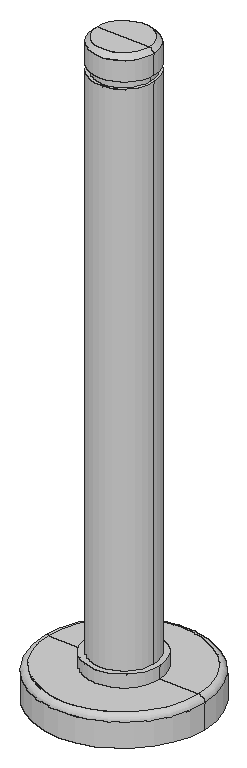
Revit family "Urbane II Ceiling Arm - 200mm", category Specialty Equipment, host Face, Revit 2019
Family settings
  Host = Face
  Round Connector Dimension = Use Radius
  Part Type = Normal
  OmniClass Number = 23.45.05.14.17
  OmniClass Title = Showers
  Cut with Voids When Loaded = No
  Shared = No
  Room Calculation Point = No
Parameters (values of type "Urbane II Ceiling Arm - 200mm - Chrome")
  URL = "https://www.caroma.com.au/"
  Model = "99658C"
  Material_Base = GWA_Metal-Chrome
  Manufacturer = "GWA Bathrooms & Kitchens"  # constant formula
  Description = "Urbane II Ceiling Arm - 200mm - Chrome"
  Default Elevation = 1000 mm
  CreatedBy_ANZRS = "GWA Bathrooms & Kitchens"  # constant formula
  Assembly Code = "D2010710"
Types (6, lengths in mm): name | Model | Material_Base | Description
  (no name) | "99658C" | GWA_Metal-Chrome | "Urbane II Ceiling Arm - 200mm - Chrome"
  Urbane II Ceiling Arm - 200mm - Chrome | "99658C" | GWA_Metal-Chrome | "Urbane II Ceiling Arm - 200mm - Chrome"
  Urbane II Ceiling Arm - 200mm - Matte Black | "99658B" | GWA-Metal-Black | "Urbane II Ceiling Arm - 200mm - Matte Black"
  Urbane II Ceiling Arm - 200mm - Brushed Brass | "99658BB" | GWA_Metal-Brushed-Brass | "Urbane II Ceiling Arm - 200mm - Brushed Brass"
  Urbane II Ceiling Arm - 200mm - Gunmetal | "99658GM" | GWA-Metal-Gunmetal Grey | "Urbane II Ceiling Arm - 200mm - Gunmetal"
  Urbane II Ceiling Arm - 200mm - Brushed Nickel | "99658BN" | GWA_Metal-Brushed-Nickel | "Urbane II Ceiling Arm - 200mm - Brushed Nickel"
Reference planes
  plane 1 "Center (Front/Back)": y = 0
  plane 2: z = 0
  plane 3 "Center (Left/Right)": x = 0
Forms (mm)
  Revolve 1, solid, material "GWA_Metal-Chrome" <- "Material_Base"
    sketch origin (0, 0, 0) x (1, 0, 0) y (0, 0, 1)
      loop
        line (0, 0) -> (27.5, 0) -> (27.5, 8)
        arc (27.5, 8) -> (26.914, 9.414) -> (25.5, 10) r 2
        line (25.5, 10) -> (0, 10) -> (0, 0)
      axis (0, 10) -> (0, 0)
    angle from 0 to 360
  Extrusion 2, solid, material "GWA_Metal-Chrome" <- "Material_Base"
    sketch origin (0, 0, 0) x (1, 0, 0) y (0, 1, 0)
      loop
        circle (0, 0) r 12.25
    from 10 to 14
  Revolve 3, solid, material "GWA_Metal-Chrome" <- "Material_Base"
    sketch origin (0, 0, 106.685) x (1, 0, 0) y (0, 0, 1)
      loop
        line (0, 84.315) -> (9.2, 84.315) -> (9.2, 86.615) -> (10.3, 86.615) -> (10.3, 93.115) -> (8.8, 94.615) -> (0, 94.615) -> (0, 84.315)
      axis (0, 94.615) -> (0, 84.315)
    angle from 0 to 360
  Extrusion 4, solid, material "GWA_Metal-Chrome" <- "Material_Base"
    sketch origin (0, 0, 0) x (1, 0, 0) y (0, 1, 0)
      loop
        circle (0, 0) r 10.3
    from 14 to 191
Lines and regions (mm)
  Masking region 1
    outline origin (0, 0, 0) x (1, 0, 0) y (0, 0, 1)
      loop
        line (-9.2, 191) -> (-10.3, 191) -> (-10.3, 14) -> (-12.25, 14) -> (-12.25, 10) -> (-25.5, 10)
        arc (-25.5, 10) -> (-26.914, 9.414) -> (-27.5, 8) r 2
        line (-27.5, 8) -> (-27.5, 0) -> (27.5, 0) -> (27.5, 8)
        arc (27.5, 8) -> (26.914, 9.414) -> (25.5, 10) r 2
        line (25.5, 10) -> (12.25, 10) -> (12.25, 14) -> (10.3, 14) -> (10.3, 191) -> (9.2, 191) -> (9.2, 193.3) -> (10.3, 193.3) -> (10.3, 199.8) -> (8.8, 201.3) -> (-8.8, 201.3) -> (-10.3, 199.8) -> (-10.3, 193.3) -> (-9.2, 193.3) -> (-9.2, 191)
  Masking region 2
    outline origin (0, 0, 0) x (0, 1, 0) y (0, 0, 1)
      loop
        line (-27.5, 8) -> (-27.5, 0) -> (27.5, 0) -> (27.5, 8)
        arc (27.5, 8) -> (26.914, 9.414) -> (25.5, 10) r 2
        line (25.5, 10) -> (12.25, 10) -> (12.25, 14) -> (10.3, 14) -> (10.3, 191) -> (9.2, 191) -> (9.2, 193.3) -> (10.3, 193.3) -> (10.3, 199.8) -> (8.8, 201.3) -> (-8.8, 201.3) -> (-10.3, 199.8) -> (-10.3, 193.3) -> (-9.2, 193.3) -> (-9.2, 191) -> (-10.3, 191) -> (-10.3, 14) -> (-12.25, 14) -> (-12.25, 10) -> (-25.5, 10)
        arc (-25.5, 10) -> (-26.914, 9.414) -> (-27.5, 8) r 2
  Masking region 3
    outline origin (0, 0, 0) x (1, 0, 0) y (0, 1, 0)
      loop
        circle (0, 0) r 27.5
  symbolic lines
    curve 1: line (27.5, 0, 0) -> (27.5, 0, 8)
    curve 2: line (25.5, 0, 10) -> (-25.5, 0, 10)
    curve 3: line (-27.5, 0, 8) -> (-27.5, 0, 0)
    curve 4: line (-27.5, 0, 0) -> (27.5, 0, 0)
    curve 5: arc (-27.5, 0, 8) -> (-26.914, 0, 9.414) -> (-25.5, 0, 10) r 2
    curve 6: arc (25.5, 0, 10) -> (26.914, 0, 9.414) -> (27.5, 0, 8) r 2
    curve 7: line (-12.25, 0, 10) -> (-12.25, 0, 14)
    curve 8: line (-12.25, 0, 14) -> (12.25, 0, 14)
    curve 9: line (12.25, 0, 14) -> (12.25, 0, 10)
    curve 10: line (-10.3, 0, 14) -> (-10.3, 0, 191)
    curve 11: line (-10.3, 0, 191) -> (10.3, 0, 191)
    curve 12: line (10.3, 0, 191) -> (10.3, 0, 14)
    curve 13: line (-9.2, 0, 191) -> (-9.2, 0, 193.3)
    curve 14: line (10.3, 0, 193.3) -> (-10.3, 0, 193.3)
    curve 15: line (-10.3, 0, 193.3) -> (-10.3, 0, 199.8)
    curve 16: line (-10.3, 0, 199.8) -> (-8.8, 0, 201.3)
    curve 17: line (-8.8, 0, 201.3) -> (8.8, 0, 201.3)
    curve 18: line (8.8, 0, 201.3) -> (10.3, 0, 199.8)
    curve 19: line (10.3, 0, 199.8) -> (10.3, 0, 193.3)
    curve 20: line (9.2, 0, 193.3) -> (9.2, 0, 191)
    curve 21: line (10.3, 0, 199.8) -> (-10.3, 0, 199.8)
    curve 22: line (0, -27.5, 0) -> (0, 27.5, 0)
    curve 23: line (0, -27.5, 8) -> (0, -27.5, 0)
    curve 24: line (0, 25.5, 10) -> (0, -25.5, 10)
    curve 25: line (0, 27.5, 0) -> (0, 27.5, 8)
    curve 26: line (0, -12.25, 14) -> (0, 12.25, 14)
    curve 27: line (0, 12.25, 14) -> (0, 12.25, 10)
    curve 28: line (0, -12.25, 14) -> (0, -12.25, 10)
    curve 29: line (0, -10.3, 14) -> (0, -10.3, 191)
    curve 30: line (0, 10.3, 14) -> (0, 10.3, 191)
    curve 31: line (0, 9.2, 191) -> (0, 9.2, 193.3)
    curve 32: line (0, -8.8, 201.3) -> (0, 8.8, 201.3)
    curve 33: line (0, 10.3, 199.8) -> (0, 10.3, 193.3)
    curve 34: line (0, 10.3, 193.3) -> (0, -10.3, 193.3)
    curve 35: line (0, 10.3, 199.8) -> (0, -10.3, 199.8)
    curve 36: line (0, -10.3, 199.8) -> (0, -10.3, 193.3)
    curve 37: line (0, -10.3, 199.8) -> (0, -8.8, 201.3)
    curve 38: line (0, 8.8, 201.3) -> (0, 10.3, 199.8)
    curve 39: line (0, -9.2, 191) -> (0, -9.2, 193.3)
    curve 40: line (0, -10.3, 191) -> (0, 10.3, 191)
    curve 41: arc (0, -27.5, 8) -> (0, -26.914, 9.414) -> (0, -25.5, 10) r 2
    curve 42: arc (0, 25.5, 10) -> (0, 26.914, 9.414) -> (0, 27.5, 8) r 2
    curve 43: circle (0, 0, 0) r 27.5 normal (0, 0, 1)
    curve 44: circle (0, 0, 0) r 12.25 normal (0, 0, 1)
    curve 45: circle (0, 0, 0) r 10.3 normal (0, 0, 1)
    curve 46: circle (0, 0, 0) r 8.8 normal (0, 0, 1)
Dimensions and locks
  aligned and locked: plane 2 to host face
  aligned and locked: level to host face
